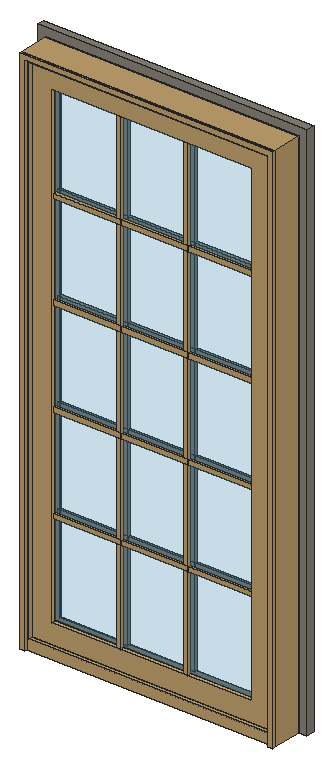
Revit family
Parameters (values of type "CSPD3068")
  Void Offset = if(and(Casing Visibility, BMC), 0' 1 5/16", if(and(Casing Visibility, Flat Casing), 0' 3", 0' 0"))  # 0' - 1 5/16"
  URL = "www.marvin.com"
  Thickness = 0' - 1 3/4"
  Sill Material = Fiberglass_Pultrusion-Marvin-Beige
  Rough Width = Width + 0' 1"  # 3' - 3 25/32"
  Rough Height = Height + 0' 0 1/2"  # 6' - 10 1/2"
  Prairie Corner Width = 0' - 4"
  Prairie Corner Height = 0' - 4"
  Panel Width = Width - 0' 2 3/8"  # 3' - 0 13/32"
  Nominal Width = 3' - 1"
  Nominal Height = 6' - 8"
  Muntins Interior Visibility = yes
  Muntins Interior Material = Wood-Marvin-Pine
  Muntins Exterior Visibility = yes
  Muntins Exterior Material = Aluminum-Marvin-Bronze
  Model = "CSPD3068"
  Manufacturer = "Marvin Windows and Doors"
  Lites Wide = 3
  Lites High = 5
  Lite Cut Prairie 9 = no
  Lite Cut HV Grid = not(Lite Cut Prairie 9)  # yes
  Label Visibility = no
  Jamb Extension Visibility = yes
  Interior Material = Wood-Marvin-Pine
  Inset to Installation Flange [instance] = 0' - 1"
  Height = if(Nominal Height = 6' 6", Nominal Height + 0' 1 1/2", if(Nominal Height = 6' 8", Nominal Height + 0' 2", Nominal Height - 0' 0 1/2"))  # 6' - 10"
  Wall Closure = (empty or 0)
  Width = if(or(Nominal Width = 2' 7", Nominal Width = 3' 1", Nominal Width = 4' 1"), Nominal Width + 0' 1 25/32", Nominal Width + 0' 1 31/32")  # 3' - 2 25/32"
  Glazing Material = Glass-Marvin-IG Low E II with Argon
  Glass Type = "IG Low E II with Argon"
  Function = 1
  Frame = "Aluminum Clad"
  Flat Casing Visibility = and(Casing Visibility, Flat Casing)  # no
  Family created by = "www.rbuiltcomponents.com"
  Door Type = "Clad Sliding Stationary Patio Door"
  Design Pressure = "DP40"
  Description = "3680 PATIO DOOR"
  Daylight Area = DLO Width * DLO Height  # 15.4301 SF
  DLO Width = Panel Width - 0' 5 31/32"  # 2' - 6 7/16"
  DLO Height = Height - 0' 9"  # 6' - 1"
  Cladding Material = Aluminum-Marvin-Bronze
  Casing Width = if(BMC, 0' 1 5/16", 0' 3")  # 0' - 1 5/16"
  Casing Visibility = yes
  BMC Visibility = and(Casing Visibility, BMC)  # yes
  BMC = yes
  Flat Casing = not(BMC)  # no
  Assembly Code = ""
Reference planes (in)
  plane 1 "Center (Front/Back)": y = 0
  plane 2 "Center (Left/Right)": x = 0
  plane 3 "Left": x = -19.39063
  plane 4 "Right": x = 19.39062
  plane 5 "Top": z = 82
  plane 6 "Exterior": y = 3
  plane 7 "Interior": y = -3
  plane 8 "Inset": y = 2
  plane 9 "Glazing": y = -0.65625
  plane 10: x = -15.20313
  plane 11: x = 15.20312
  plane 12: z = 77.8125
  plane 13: z = 4.8125
  plane 14 "Jamb Ext Face": y = -2.5625
  plane 15 "Void Offset": z = 83.3125
  plane 16 "Casing": z = 83.3125
  plane 17: y = -2.59375
Forms (in)
  Sweep 1, solid, material "Aluminum-Marvin-Bronze" <- "Cladding Material"
    path origin (0, -0.65625, 0) x (1, 0, 0) y (0, 0, 1)
      loop
        line (-15.20313, 4.8125) -> (15.20312, 4.8125) -> (15.20312, 77.8125) -> (-15.20313, 77.8125) -> (-15.20313, 4.8125)
    profile "Clad_Panel : Clad_Panel" origin (-15.20313, -0.65625, 41.3125) x (-1, 0, 0) y (0, -1, 0)
      loop
        line (3, 0) -> (0, 0) -> (0, -0.05719) -> (0.20804, -0.26523) -> (0.20804, -0.4375) -> (3, -0.4375) -> (3, 0)
  Sweep 2, solid, material "Wood-Marvin-Pine" <- "Interior Material"
    path origin (0, -0.65625, 0) x (1, 0, 0) y (0, 0, 1)
      loop
        line (-15.20313, 77.8125) -> (-15.20313, 4.8125) -> (15.20312, 4.8125) -> (15.20312, 77.8125) -> (-15.20313, 77.8125)
    profile "Int_Panel : Int_Panel" origin (-15.20313, -0.65625, 41.3125) x (1, 0, 0) y (0, -1, 0)
      loop
        line (-3, 1.3125) -> (-3, 0) -> (-0.72484, 0) -> (-0.72484, 0.82511) -> (0, 0.82511) -> (0, 0.97108) -> (-0.19709, 1.3125) -> (-3, 1.3125)
  Sweep 3, solid, material "Aluminum-Marvin-Bronze" <- "Cladding Material"
    path origin (0, 2, 0) x (1, 0, 0) y (0, 0, 1)
      loop
        line (-19.39063, 0) -> (-19.39063, 82) -> (19.39062, 82) -> (19.39062, 0)
    profile "Clad_Frame : Clad_Frame" origin (-19.39063, 2, 41) x (-1, 0, 0) y (0, -1, 0)
      loop
        line (0, -1.09375) -> (0, 0) -> (-0.891, 0) -> (-0.891, -0.3871) -> (-0.67848, -0.3871) -> (-0.67848, -1.09375) -> (0, -1.09375)
  Sweep 4, solid, material "Wood-Marvin-Pine" <- "Interior Material"
    path origin (0, 2, 0) x (1, 0, 0) y (0, 0, 1)
      loop
        line (-19.39063, 0) -> (-19.39063, 82) -> (19.39062, 82) -> (19.39062, 0)
    profile "Int_Frame : Int_Frame" origin (-19.39063, 2, 41) x (-1, 0, 0) y (0, -1, 0)
      loop
        line (0, 0) -> (0, 4.5625) -> (-1.06374, 4.5625) -> (-1.06374, 1.46938) -> (-0.891, 1.46938) -> (-0.891, 0) -> (0, 0)
  Sweep 5, solid, material "Fiberglass_Pultrusion-Marvin-Beige" <- "Sill Material"
    path origin (0, 2, 0) x (1, 0, 0) y (0, 0, 1)
      loop
        line (18.32688, 0) -> (-18.32688, 0)
    profile "Sill : Sill" origin (0, 2, 0) x (0, 0, -1) y (0, -1, 0)
      loop
        line (-0.56617, 0) -> (0, 0) -> (0, 3.9375) -> (-1.61915, 3.9375) -> (-1.61915, 2.43933) -> (-0.82254, 2.43933) -> (-0.56617, 0)
  Extrusion 6, solid, material "Aluminum-Marvin-Bronze" <- "Cladding Material"
    sketch origin (0, 0, 0) x (0, 1, 0) y (0, 0, 1)
      loop
        line (-0.21875, 1.8125) -> (-0.65625, 1.8125) -> (-0.65625, 1.61915) -> (-0.21875, 1.61915) -> (-0.21875, 1.8125)
    from -18.20313 to 18.20312
  Extrusion 7, solid, material "Wood-Marvin-Pine" <- "Interior Material"
    sketch origin (0, 0, 0) x (0, 1, 0) y (0, 0, 1)
      loop
        line (-0.65625, 1.8125) -> (-1.96875, 1.8125) -> (-1.96875, 1.61915) -> (-0.65625, 1.61915) -> (-0.65625, 1.8125)
    from -18.20313 to 18.20312
  Extrusion 8, solid, material "Wood-Marvin-Pine" <- "Interior Material", visible <- "Jamb Extension Visibility", detail levels medium+fine
    sketch origin (0, -2.5625, 0) x (1, 0, 0) y (0, 0, 1)
      loop
        line (-19.39063, 0) -> (-18.70313, 0) -> (-18.70313, 81.3125) -> (18.70312, 81.3125) -> (18.70312, 0) -> (19.39062, 0) -> (19.39062, 82) -> (-19.39063, 82) -> (-19.39063, 0)
    from 0.03125 to 0.4375
  Extrusion 9, solid, material "Glass-Marvin-IG Low E II with Argon" <- "Glazing Material"
    sketch origin (0, -0.65625, 0) x (1, 0, 0) y (0, 0, 1)
      loop
        line (15.82812, 78.4375) -> (-15.82813, 78.4375) -> (-15.82813, 4.1875) -> (15.82812, 4.1875) -> (15.82812, 78.4375)
    from 0 to 0.125
  Extrusion 10, solid, material "Glass-Marvin-IG Low E II with Argon" <- "Glazing Material"
    sketch origin (0, -0.65625, 0) x (1, 0, 0) y (0, 0, 1)
      loop
        line (15.82812, 78.4375) -> (-15.82813, 78.4375) -> (-15.82813, 4.1875) -> (15.82812, 4.1875) -> (15.82812, 78.4375)
    from 0.65625 to 0.78125
  Sweep 11, solid, material "Fiberglass_Pultrusion-Marvin-Beige" <- "Sill Material"
    path origin (0, 2, 0) x (1, 0, 0) y (0, 0, 1)
      loop
        line (18.71214, 0) -> (-18.71214, 0)
    profile "Clad_Sill : Clad_Sill" origin (0, 2, 0) x (0, 0, -1) y (0, -1, 0)
      loop
        line (-0.45122, -1.09375) -> (0, -1.09375) -> (0, 0) -> (-0.56617, 0) -> (-0.45122, -1.09375)
  Extrusion 12, solid, material "Wood-Marvin-Pine" <- "Interior Material"
    sketch origin (0, 0, 0) x (0, 1, 0) y (0, 0, 1)
      loop
        line (-1.9375, 1.61915) -> (-2.5625, 1.61915) -> (-2.5625, 0) -> (-1.9375, 0) -> (-1.9375, 1.61915)
    from -18.32688 to 18.32688
  Sweep 13, solid, material "Aluminum-Marvin-Bronze" <- "Cladding Material"
    path origin (0, 2, -3.79878) x (1, 0, 0) y (0, 0, 1)
      loop
        line (18.49962, 3.79878) -> (18.49962, 84.90778) -> (-18.49963, 84.90778) -> (-18.49963, 3.79878)
    profile "Clad_Jamb : Clad_Jamb" origin (18.49962, 2, 40.5545) x (-1, 0, 0) y (0, -1, 0)
      loop
        line (0.85588, 2.0994) -> (0, 2.23496) -> (0, -0.28062) -> (0.60662, -0.28062)
        arc (0.60662, -0.28062) -> (0.71586, 0.911) -> (0.85588, 2.0994) r 46.27589
  Extrusion 14, void
    sketch origin (0, 0, 0) x (1, 0, 0) y (0, 1, 0)
      loop
        line (-19.39063, 2) -> (-19.39063, -3) -> (19.39062, -3) -> (19.39062, 2) -> (-19.39063, 2)
    from 0 to 82
  Extrusion 15, void
    sketch origin (0, 0, 0) x (1, 0, 0) y (0, 1, 0)
      loop
        line (-20.70313, 3.125) -> (-20.70313, 2) -> (20.70312, 2) -> (20.70312, 3.125) -> (-20.70313, 3.125)
    from 0 to 83.3125
Cuts and joins
  joined: Sweep 1, Extrusion 6
  joined: Sweep 2, Extrusion 7
  joined: Sweep 5, Sweep 11
  joined: Sweep 4, Extrusion 12
  joined: Sweep 3, Sweep 13
Lines and regions (in)
  Masking region 1
    outline origin (0, 0, 0) x (0, 1, 0) y (0, 0, 1)
      loop
        line (3.09375, 82) -> (-2.5625, 82) -> (-2.5625, 0) -> (3.09375, 0) -> (3.09375, 82)
  Masking region 2
    outline origin (0, 0, 0) x (1, 0, 0) y (0, 1, 0)
      loop
        line (-19.39063, 3.09375) -> (-19.39063, -2.5625) -> (19.39062, -2.5625) -> (19.39062, 3.09375) -> (-19.39063, 3.09375)
  Masking region 3, visible <- "Jamb Extension Visibility"
    outline origin (0, 0, 0) x (1, 0, 0) y (0, 1, 0)
      loop
        line (-19.39063, -2.59375) -> (-19.39063, -3) -> (-18.70313, -3) -> (-18.70313, -2.59375) -> (-19.39063, -2.59375)
      loop
        line (19.39062, -2.59375) -> (18.70312, -2.59375) -> (18.70312, -3) -> (19.39062, -3) -> (19.39062, -2.59375)
  Masking region 4, visible <- "Jamb Extension Visibility"
    outline origin (0, 0, 0) x (0, 1, 0) y (0, 0, 1)
      loop
        line (-2.59375, 82) -> (-3, 82) -> (-3, 0) -> (-2.59375, 0) -> (-2.59375, 82)
  symbolic lines, style "DoorsFrameMullionProjection", detail levels coarse+medium
    curve 1: line (-19.39063, 3.09375, 0) -> (-18.32688, 3.09375, 0)
    curve 2: line (-18.32688, 3.09375, 0) -> (-18.32688, -2.5625, 0)
    curve 3: line (-18.32688, -2.5625, 0) -> (-19.39063, -2.5625, 0)
    curve 4: line (19.39062, 3.09375, 0) -> (18.32688, 3.09375, 0)
    curve 5: line (18.32688, 3.09375, 0) -> (18.32688, -2.5625, 0)
    curve 6: line (18.32688, -2.5625, 0) -> (19.39062, -2.5625, 0)
    curve 15: line (0, 3.09375, 82) -> (0, 3.09375, 80.93626)
    curve 16: line (0, 3.09375, 80.93626) -> (0, -2.5625, 80.93626)
    curve 17: line (0, -2.5625, 80.93626) -> (0, -2.5625, 82)
    curve 25: line (0, -0.21875, 77.8125) -> (0, -0.21875, 4.8125)
    curve 26: line (0, -1.96875, 77.8125) -> (0, -1.96875, 4.8125)
    curve 27: line (0, 3.09375, 0.45122) -> (0, -0.43933, 0.82254)
    curve 28: line (0, -0.43933, 1.61915) -> (0, -0.43933, 0.82254)
    curve 29: line (0, -0.21875, 1.61915) -> (0, -2.5625, 1.61915)
    curve 30: line (0, -2.5625, 0) -> (0, -2.5625, 1.61915)
    curve 31: line (0, 3.09375, 0) -> (0, 3.09375, 0.45122)
    curve 32: line (0, 3.09375, 0) -> (0, -2.5625, 0)
    curve 33: line (0, 3.09375, 82) -> (0, -3, 82)
    curve 43: line (-19.39063, -3, 0) -> (-19.39063, 3.09375, 0)
    curve 44: line (19.39062, -3, 0) -> (19.39062, 3.09375, 0)
  symbolic lines, style "DoorsFrameMullionProjection", visible <- "Jamb Extension Visibility", detail levels coarse+medium
    curve 7: line (-19.39063, -3, 0) -> (-18.70313, -3, 0)
    curve 8: line (-18.70313, -3, 0) -> (-18.70313, -2.59375, 0)
    curve 9: line (19.39062, -3, 0) -> (18.70312, -3, 0)
    curve 10: line (18.70312, -3, 0) -> (18.70312, -2.59375, 0)
    curve 13: line (0, -2.59375, 81.3125) -> (0, -3, 81.3125)
    curve 14: line (0, -3, 81.3125) -> (0, -3, 82)
  symbolic lines, style "Jamb Extension", visible <- "Jamb Extension Visibility", detail levels fine
    curve 11: line (0, -2.59375, 81.3125) -> (0, -3, 81.3125)
    curve 12: line (0, -3, 81.3125) -> (0, -3, 82)
  symbolic lines, style "DoorsPanelProjection", detail levels coarse+medium
    curve 18: line (0, -0.21875, 77.8125) -> (0, -0.21875, 80.93626)
    curve 19: line (0, -1.96875, 77.8125) -> (0, -0.21875, 77.8125)
    curve 20: line (0, -1.96875, 80.93626) -> (0, -1.96875, 77.8125)
    curve 21: line (0, -0.21875, 4.8125) -> (0, -1.96875, 4.8125)
    curve 22: line (0, -0.21875, 1.61915) -> (0, -0.21875, 4.8125)
    curve 23: line (0, -1.96875, 4.8125) -> (0, -1.96875, 1.61915)
    curve 34: line (18.32688, -0.21875, 0) -> (15.20312, -0.21875, 0)
    curve 35: line (15.20312, -0.21875, 0) -> (15.20312, -1.96875, 0)
    curve 36: line (15.20312, -1.96875, 0) -> (18.32688, -1.96875, 0)
    curve 37: line (-18.32688, -0.21875, 0) -> (-15.20313, -0.21875, 0)
    curve 38: line (-15.20313, -0.21875, 0) -> (-15.20313, -1.96875, 0)
    curve 39: line (-15.20313, -1.96875, 0) -> (-18.32688, -1.96875, 0)
    curve 40: line (-15.20313, -0.21875, 0) -> (15.20312, -0.21875, 0)
    curve 41: line (-15.20313, -1.96875, 0) -> (15.20312, -1.96875, 0)
  symbolic lines, style "DoorsGlassProjection", detail levels coarse+medium
    curve 24: line (0, -1.09375, 4.8125) -> (0, -1.09375, 77.8125)
    curve 42: line (-15.20313, -1.09375, 0) -> (15.20312, -1.09375, 0)
Text (in)
  text "Exterior" at (-74.96733, 27.31104, 0), in view "Ref. Level"
  text "Interior" at (-74.96733, -25.14366, 0), in view "Ref. Level"
  text "Exterior" at (0, 40.15149, 123.01588), in view "Right"
  text "Interior" at (0, -64.39139, 123.01588), in view "Right"
  text "Interior" at (0, -31.01599, 123.00693), in view "Left"
  text "Exterior" at (0, 54.57065, 123.00693), in view "Left"
Dimensions and locks (in)
  equal spacing: plane 3 "Left", plane 2 "Center (Left/Right)", plane 4 "Right"
  "Height": level to plane 5 "Top"
  "Width": plane 3 "Left" to plane 4 "Right"
  locked: plane 11 to plane 4 "Right" at 4.1875
  locked: plane 3 "Left" to plane 10 at 4.1875
  locked: plane 12 to plane 5 "Top" at 4.1875
  locked: level to plane 13 at 4.8125
  locked: Extrusion 6 sketch curve to Sweep 1 at 0.19335
  locked: Extrusion 7 sketch curve to Sweep 2 at 0.19335
  locked: Extrusion 8 sketch curve to plane 4 "Right" at 0.6875
  locked: plane 3 "Left" to Extrusion 8 sketch curve at 0.6875
  locked: plane 5 "Top" to Extrusion 8 sketch curve at 0.6875
  locked: plane 12 to Extrusion 9 sketch curve at 0.625
  locked: Extrusion 9 sketch curve to plane 13 at 0.625
  locked: plane 11 to Extrusion 9 sketch curve at 0.625
  locked: plane 12 to Extrusion 10 sketch curve at 0.625
  locked: Extrusion 10 sketch curve to plane 13 at 0.625
  locked: plane 11 to Extrusion 10 sketch curve at 0.625
  locked: plane 9 "Glazing" to Extrusion 9 at 0.125
  locked: plane 9 "Glazing" to Extrusion 10 at 0.78125
  locked: plane 9 "Glazing" to Extrusion 10 at 0.65625
  locked: Extrusion 10 to Extrusion 10 at 0.125
  locked: nested 3 to plane 9 "Glazing" at 0.8125
  "Inset to Installation Flange": host wall to plane 8 "Inset"
  locked: plane 9 "Glazing" to plane 8 "Inset" at 2.65625
  locked: plane 14 "Jamb Ext Face" to plane 8 "Inset" at 4.5625
  locked: nested 4 to host wall at 12
  locked: Extrusion 15 sketch curve to host wall at 0.125
  "Void Offset": Extrusion 15 sketch curve to plane 3 "Left"
  "Void Offset": plane 4 "Right" to Extrusion 15 sketch curve
  "Void Offset": plane 5 "Top" to plane 15 "Void Offset"
  "Casing Width": plane 5 "Top" to plane 16 "Casing"
  locked: plane 17 to plane 14 "Jamb Ext Face" at 0.03125
  locked: Extrusion 9 sketch curve to plane 10 at 0.625
  locked: plane 10 to Extrusion 10 sketch curve at 0.625
  locked: Sweep 13 sketch curve to plane 4 "Right" at 0.891
  locked: plane 3 "Left" to Sweep 13 sketch curve at 0.891
  locked: Sweep 13 sketch curve to plane 5 "Top" at 0.891
  aligned and locked: plane 6 "Exterior" to host wall
  aligned and locked: plane 7 "Interior" to host wall
  aligned and locked: Sweep 1 sketch curve to plane 11
  aligned and locked: Sweep 1 sketch curve to plane 13
  aligned and locked: Sweep 1 sketch curve to plane 12
  aligned and locked: Sweep 2 sketch curve to plane 12
  aligned and locked: Sweep 2 sketch curve to plane 13
  aligned and locked: Sweep 2 sketch curve to plane 11
  aligned and locked: plane 3 "Left" to Sweep 3 sketch curve
  aligned and locked: level to Sweep 3 sketch curve  (x2)
  aligned and locked: Sweep 3 sketch curve to plane 5 "Top"
  aligned and locked: Sweep 3 sketch curve to plane 4 "Right"
  aligned and locked: plane 3 "Left" to Sweep 4 sketch curve
  aligned and locked: level to Sweep 4 sketch curve  (x2)
  aligned and locked: Sweep 4 sketch curve to plane 5 "Top"
  aligned and locked: Sweep 4 sketch curve to plane 4 "Right"
  aligned and locked: level to nested 1
  aligned and locked: nested 1 to plane 8 "Inset"
  aligned and locked: Sweep 5 sketch curve to level
  aligned and locked: Extrusion 6 sketch curve to Sweep 1  (x2)
  aligned and locked: Extrusion 6 sketch curve to plane 9 "Glazing"
  aligned and locked: Sweep 1 to Extrusion 6
  aligned and locked: Extrusion 6 to Sweep 1
  aligned and locked: Sweep 2 to Extrusion 7 sketch curve
  aligned and locked: plane 9 "Glazing" to Extrusion 7 sketch curve
  aligned and locked: Extrusion 7 sketch curve to Sweep 2
  aligned and locked: Sweep 2 to Extrusion 7
  aligned and locked: Extrusion 7 to Sweep 2
  aligned and locked: Extrusion 8 sketch curve to plane 3 "Left"
  aligned and locked: plane 5 "Top" to Extrusion 8 sketch curve
  aligned and locked: plane 4 "Right" to Extrusion 8 sketch curve
  aligned and locked: level to Extrusion 8 sketch curve  (x2)
  aligned and locked: Sweep 3 to Extrusion 8 sketch curve
  aligned and locked: host wall to Extrusion 8
  aligned and locked: Extrusion 9 to plane 9 "Glazing"
  aligned and locked: plane 9 "Glazing" to nested 2
  aligned and locked: plane 12 to nested 2
  aligned and locked: nested 3 to plane 12
  aligned and locked: plane 3 "Left" to curve 1
  aligned and locked: curve 3 to plane 14 "Jamb Ext Face"
  aligned and locked: plane 14 "Jamb Ext Face" to curve 6
  aligned and locked: curve 7 to Extrusion 8
  aligned and locked: curve 10 to Extrusion 8
  aligned and locked: Extrusion 8 to curve 11
  aligned and locked: Extrusion 8 to curve 12
  aligned and locked: plane 5 "Top" to curve 14
  aligned and locked: Extrusion 8 to curve 13
  aligned and locked: plane 5 "Top" to curve 15
  aligned and locked: plane 14 "Jamb Ext Face" to curve 17
  aligned and locked: curve 19 to plane 12
  aligned and locked: curve 20 to cut or joined group of Sweep 2, Extrusion 7
  aligned and locked: curve 18 to cut or joined group of Sweep 1, Extrusion 6
  aligned and locked: curve 21 to plane 13
  aligned and locked: curve 23 to cut or joined group of Sweep 2, Extrusion 7
  aligned and locked: curve 22 to cut or joined group of Sweep 1, Extrusion 6
  aligned and locked: curve 21 to curve 24
  aligned and locked: plane 5 "Top" to Masking region 1 sketch curve
  aligned and locked: level to Masking region 1 sketch curve
  aligned and locked: curve 26 to cut or joined group of Sweep 2, Extrusion 7
  aligned and locked: plane 2 "Center (Left/Right)" to nested 4
  aligned and locked: plane 2 "Center (Left/Right)" to nested 5
  aligned and locked: plane 8 "Inset" to nested 5
  aligned and locked: Sweep 5 sketch curve to Sweep 4
  aligned and locked: Sweep 4 to Sweep 5 sketch curve
  aligned and locked: Sweep 11 sketch curve to Sweep 3
  aligned and locked: Sweep 3 to Sweep 11 sketch curve
  aligned and locked: Sweep 5 to curve 28
  aligned and locked: Sweep 3 to Sweep 11
  aligned and locked: plane 14 "Jamb Ext Face" to curve 30
  aligned and locked: curve 29 to Sweep 5
  aligned and locked: curve 27 to Sweep 5
  aligned and locked: Extrusion 12 sketch curve to cut or joined group of Sweep 5, Sweep 11  (x2)
  aligned and locked: level to Extrusion 12 sketch curve
  aligned and locked: Extrusion 12 sketch curve to plane 14 "Jamb Ext Face"
  aligned and locked: Extrusion 12 to Sweep 4  (x2)
  aligned and locked: level to Sweep 13 sketch curve
  aligned and locked: Masking region 2 sketch curve to plane 3 "Left"
  aligned and locked: plane 4 "Right" to Masking region 2 sketch curve
  aligned and locked: curve 37 to cut or joined group of Sweep 1, Extrusion 6
  aligned and locked: curve 39 to cut or joined group of Sweep 2, Extrusion 7
  aligned and locked: plane 11 to curve 35
  aligned and locked: curve 34 to cut or joined group of Sweep 1, Extrusion 6
  aligned and locked: cut or joined group of Sweep 2, Extrusion 7 to curve 36
  aligned and locked: curve 5 to curve 36
  aligned and locked: curve 1 to cut or joined group of Sweep 5, Sweep 11
  aligned and locked: curve 4 to cut or joined group of Sweep 5, Sweep 11
  aligned and locked: curve 15 to cut or joined group of Sweep 3, Sweep 13
  aligned and locked: curve 31 to cut or joined group of Sweep 3, Sweep 13
  aligned and locked: curve 19 to curve 25
  aligned and locked: Extrusion 8 to curve 10
  aligned and locked: curve 38 to curve 42
  aligned and locked: curve 35 to curve 42
  aligned and locked: Extrusion 14 sketch curve to plane 3 "Left"
  aligned and locked: plane 4 "Right" to Extrusion 14 sketch curve
  aligned and locked: Extrusion 14 sketch curve to host wall
  aligned and locked: Extrusion 14 to plane 5 "Top"
  aligned and locked: plane 8 "Inset" to Extrusion 14 sketch curve
  aligned and locked: Extrusion 15 sketch curve to plane 8 "Inset"
  aligned and locked: Extrusion 15 to plane 15 "Void Offset"
  aligned and locked: Extrusion 14 to level
  aligned and locked: Extrusion 15 to level
  aligned and locked: plane 8 "Inset" to nested 6
  aligned and locked: plane 2 "Center (Left/Right)" to nested 6
  aligned and locked: level to nested 6
  aligned and locked: Masking region 2 sketch curve to cut or joined group of Sweep 3, Sweep 13
  aligned and locked: Masking region 1 sketch curve to cut or joined group of Sweep 3, Sweep 13
  aligned and locked: curve 43 to plane 3 "Left"
  aligned and locked: curve 44 to plane 4 "Right"
  aligned and locked: Masking region 2 sketch curve to plane 14 "Jamb Ext Face"
  aligned and locked: Masking region 3 sketch curve to host wall
  aligned and locked: host wall to Masking region 3 sketch curve
  aligned and locked: Masking region 3 sketch curve to plane 3 "Left"
  aligned and locked: Masking region 3 sketch curve to Extrusion 8  (x2)
  aligned and locked: Masking region 3 sketch curve to plane 4 "Right"
  aligned and locked: curve 9 to host wall
  aligned and locked: Extrusion 8 to plane 17
  aligned and locked: plane 17 to Masking region 3 sketch curve
  aligned and locked: plane 17 to curve 8
  aligned and locked: Masking region 3 sketch curve to plane 17
  aligned and locked: plane 17 to curve 10
  aligned and locked: plane 17 to curve 11
  aligned and locked: plane 17 to curve 13
  aligned and locked: Masking region 1 sketch curve to plane 14 "Jamb Ext Face"
  aligned and locked: plane 5 "Top" to Masking region 4 sketch curve
  aligned and locked: level to Masking region 4 sketch curve
  aligned and locked: plane 17 to Masking region 4 sketch curve
  aligned and locked: Masking region 4 sketch curve to host wall
  aligned and locked: curve 16 to nested 1
  aligned and locked: plane 10 to curve 38
  aligned and locked: nested 2 to plane 2 "Center (Left/Right)"
  aligned and locked: plane 10 to Sweep 1 sketch curve
  aligned and locked: Sweep 2 sketch curve to plane 10
  aligned and locked: plane 2 "Center (Left/Right)" to nested 3
Automatic sketch dimensions
  Sweep 11 sketch curve to level = 0' - 0"
  curve 7 to curve 7 = 0' - 0 11/16"
  plane 4 "Right" to curve 34 = 0' - 1.06374"
  plane 9 "Glazing" to curve 42 = 0' - 0 7/16"
  curve 32 to level = 0' - 0"
  plane 9 "Glazing" to curve 24 = 0' - 0 7/16"
  curve 8 to curve 3 = 0' - 0.37624"
  Sweep 13 sketch curve to level = 0' - 0"
Nested families (in)
  nested 1: "Door_Section_Detail" at (0, 2, 0) x (0, -1, 0) z (1, 0, 0), type "Door_Section_Detail", detail levels fine
  nested 2: "Muntins" at (0, -0.65625, -31.1875), visible <- "Muntins Exterior Visibility", Muntin Material <- "Muntins Exterior Material", type "Muntins"
    with Muntin Material Aluminum-Marvin-Bronze, GlazingWidth 2' - 6 7/16", GlazingHeight 6' - 1", Width 2' - 6 7/8", LitesVertical 5, HorizontalMuntins 4, Height 6' - 1 7/16", Inset Vert 0' - 9.91667", Inset Horiz 1' - 2 5/16"
  nested 3: "Muntins" at (0, -1.46875, -31.1875), Muntin Material <- "Muntins Interior Material", visible <- "Muntins Interior Visibility", type "Muntins"
    with Muntin Material Wood-Marvin-Pine, GlazingWidth 2' - 6 7/16", GlazingHeight 6' - 1", Width 2' - 6 7/8", LitesVertical 5, HorizontalMuntins 4, Height 6' - 1 7/16", Inset Vert 0' - 9.91667", Inset Horiz 1' - 2 5/16"
  nested 4: "Label Annotation 1-16 w5" at (0, 15, 0), visible <- "Label Visibility", type "Label Annotation 1-16 w5"
  nested 5: "Door_Plan_Detail" at (0, 2, 0), type "Door_Plan_Detail", detail levels fine
    with Width 3' - 2 25/32"
  nested 6: "Casing_Clad" at (0, 2, 0), visible <- "Casing Visibility", type "Casing_Clad"
    with Width 3' - 2 25/32", Height 6' - 10"
Definition of nested family "Muntins"
  Parameters (values of type "Muntins")
    PrairieMuntVisible = no
    Prairie Corner Width = 0' - 4"
    Prairie Corner Height = 0' - 4"
    Muntin Extension = 0' - 0 7/16"
    GridMuntVisible = yes
    GlazingWidth = 2' - 0"
    GlazingHeight = 2' - 11 1/8"
    Width = GlazingWidth + Muntin Extension  # 2' - 0 7/16"
    VerticalMuntins = if(LitesHorizontal < 3, 2, LitesHorizontal - 1)  # 2
    VertMuntVisible = and(GridMuntVisible, LitesHorizontal > 2)  # yes
    MuntinWidth = 0' - 0 3/4"
    MuntinDepth [instance] = 0' - 0 3/8"
    Muntin Material [instance] = none
    LitesVertical = 3
    LitesHorizontal = 3
    HorizontalMuntins = if(LitesVertical < 3, 2, LitesVertical - 1)  # 2
    HorizMuntVisible = and(GridMuntVisible, LitesVertical > 2)  # yes
    Height = GlazingHeight + Muntin Extension  # 2' - 11 9/16"
    Inset Vert = if(LitesHorizontal < 3, (Width / 3) - (MuntinWidth / 2), (Width / LitesHorizontal) - (MuntinWidth / 2))  # 0' - 7.77083"
    Inset Horiz = if(LitesVertical < 3, (Height / 3) - (MuntinWidth / 2), (Height / LitesVertical) - (MuntinWidth / 2))  # 0' - 11.47917"
    CenterMuntinVertical = and(GridMuntVisible, LitesHorizontal = 2)  # no
    CenterMuntinHorizontal = and(GridMuntVisible, LitesVertical = 2)  # no
    Assembly Code = ""
  Reference planes (in)
    plane 1 "Center (Front/Back)": y = 0
    plane 2: z = 0
    plane 3 "Center (Left/Right)": x = 0
    plane 4: z = 35.78125
    plane 5: z = 53.5625
    plane 6: z = 71.34375
    plane 7: z = 59.86458
    plane 8: z = 47.26042
    plane 9: z = 71.125
    plane 10: z = 36
    plane 11: x = -12
    plane 12: x = 12
    plane 13: x = -4.44792
    plane 14: x = -12.21875
    plane 15: x = 12.21875
    plane 16: x = 4.44792
    plane 17: z = 67.125
    plane 18: z = 40
    plane 19: x = -8
    plane 20: x = 8
  Forms (in)
    Extrusion 1, solid, material <- "Muntin Material", visible <- "CenterMuntinVertical", detail levels medium+fine
      sketch origin (9, 0, 0) x (1, 0, 0) y (0, 0, 1)
        loop
          line (-9.375, 71.34375) -> (-9.375, 35.78125) -> (-8.625, 35.78125) -> (-8.625, 71.34375) -> (-9.375, 71.34375)
      from 0 to 0.375 <- "MuntinDepth"
    Extrusion 2, solid, material <- "Muntin Material", visible <- "CenterMuntinHorizontal", detail levels medium+fine
      sketch origin (-0.0013, 0, 14.6875) x (1, 0, 0) y (0, 0, 1)
        loop
          line (-12.21745, 39.25) -> (-12.21745, 38.5) -> (12.22005, 38.5) -> (12.22005, 39.25) -> (-12.21745, 39.25)
      from 0 to 0.375 <- "MuntinDepth"
    Extrusion 3, solid, material <- "Muntin Material", visible <- "VertMuntVisible", detail levels medium+fine
      sketch origin (4.92708, 0, -2.90625) x (1, 0, 0) y (0, 0, 1)
        loop
          line (-9.375, 74.25) -> (-9.375, 38.6875) -> (-8.625, 38.6875) -> (-8.625, 74.25) -> (-9.375, 74.25)
      from 0 to 0.375 <- "MuntinDepth"
    Extrusion 4, solid, material <- "Muntin Material", visible <- "HorizMuntVisible", detail levels medium+fine
      sketch origin (-3.09635, 0, 14.17708) x (1, 0, 0) y (0, 0, 1)
        loop
          line (-9.1224, 45.6875) -> (-9.1224, 44.9375) -> (15.3151, 44.9375) -> (15.3151, 45.6875) -> (-9.1224, 45.6875)
      from 0 to 0.375 <- "MuntinDepth"
    Extrusion 5, solid, material <- "Muntin Material", visible <- "HorizMuntVisible", detail levels medium+fine
      sketch origin (-3.09635, 0, 2.32292) x (1, 0, 0) y (0, 0, 1)
        loop
          line (-9.1224, 45.6875) -> (-9.1224, 44.9375) -> (15.3151, 44.9375) -> (15.3151, 45.6875) -> (-9.1224, 45.6875)
      from 0 to 0.375 <- "MuntinDepth"
    Extrusion 6, solid, material <- "Muntin Material", visible <- "VertMuntVisible", detail levels medium+fine
      sketch origin (13.07292, 0, -2.90625) x (1, 0, 0) y (0, 0, 1)
        loop
          line (-9.375, 74.25) -> (-9.375, 38.6875) -> (-8.625, 38.6875) -> (-8.625, 74.25) -> (-9.375, 74.25)
      from 0 to 0.375 <- "MuntinDepth"
    Extrusion 7, solid, material <- "Muntin Material", visible <- "PrairieMuntVisible", detail levels medium+fine
      sketch origin (1, 0, 0) x (1, 0, 0) y (0, 0, 1)
        loop
          line (-9, 71.34375) -> (-9, 35.78125) -> (-8.25, 35.78125) -> (-8.25, 71.34375) -> (-9, 71.34375)
      from 0 to 0.375 <- "MuntinDepth"
    Extrusion 8, solid, material <- "Muntin Material", visible <- "PrairieMuntVisible", detail levels medium+fine
      sketch origin (17, 0, 0) x (1, 0, 0) y (0, 0, 1)
        loop
          line (-9.75, 71.34375) -> (-9.75, 35.78125) -> (-9, 35.78125) -> (-9, 71.34375) -> (-9.75, 71.34375)
      from 0 to 0.375 <- "MuntinDepth"
    Extrusion 9, solid, material <- "Muntin Material", visible <- "PrairieMuntVisible", detail levels medium+fine
      sketch origin (-0.0013, 0, 28.25) x (1, 0, 0) y (0, 0, 1)
        loop
          line (-12.21745, 38.875) -> (-12.21745, 38.125) -> (12.22005, 38.125) -> (12.22005, 38.875) -> (-12.21745, 38.875)
      from 0 to 0.375 <- "MuntinDepth"
    Extrusion 10, solid, material <- "Muntin Material", visible <- "PrairieMuntVisible", detail levels medium+fine
      sketch origin (-0.0013, 0, 1.125) x (1, 0, 0) y (0, 0, 1)
        loop
          line (-12.21745, 39.625) -> (-12.21745, 38.875) -> (12.22005, 38.875) -> (12.22005, 39.625) -> (-12.21745, 39.625)
      from 0 to 0.375 <- "MuntinDepth"
  Cuts and joins
    joined: Extrusion 7, Extrusion 8, Extrusion 9, Extrusion 10
  Lines and regions (in)
    model lines, style "Muntins", visible <- "CenterMuntinHorizontal", detail levels coarse
      curve 1: line (-12.21875, 0, 53.5625) -> (12.21875, 0, 53.5625)
    model lines, style "Muntins", visible <- "HorizMuntVisible", detail levels coarse
      curve 2: line (-12.21875, 0, 59.48958) -> (12.21875, 0, 59.48958)
      curve 3: line (-12.21875, 0, 47.63542) -> (12.21875, 0, 47.63542)
    model lines, style "Muntins", visible <- "CenterMuntinVertical", detail levels coarse
      curve 4: line (0, 0, 71.34375) -> (0, 0, 35.78125)
    model lines, style "Muntins", visible <- "VertMuntVisible", detail levels coarse
      curve 5: line (-4.07292, 0, 71.34375) -> (-4.07292, 0, 35.78125)
      curve 6: line (4.07292, 0, 71.34375) -> (4.07292, 0, 35.78125)
    model lines, style "Muntins", visible <- "PrairieMuntVisible", detail levels coarse
      curve 7: line (-12.21875, 0, 66.75) -> (12.21875, 0, 66.75)
      curve 8: line (-12.21875, 0, 40.375) -> (12.21875, 0, 40.375)
      curve 9: line (-7.625, 0, 35.78125) -> (-7.625, 0, 71.34375)
      curve 10: line (7.625, 0, 35.78125) -> (7.625, 0, 71.34375)
  Dimensions and locks (in)
    "Inset Horiz": plane 6 to plane 7
    "Inset Horiz": plane 8 to plane 4
    equal spacing: plane 6, plane 5, plane 4
    "Height": plane 6 to plane 4
    "GlazingHeight": plane 9 to plane 10
    equal spacing: plane 9, plane 5, plane 10
    "GlazingWidth": plane 12 to plane 11
    equal spacing: plane 12, plane 3 "Center (Left/Right)", plane 11
    "MuntinWidth": Extrusion 1 sketch curve to Extrusion 1 sketch curve
    "Height": Extrusion 1 sketch curve to Extrusion 1 sketch curve
    "MuntinWidth": Extrusion 2 sketch curve to Extrusion 2 sketch curve
    "Width": Extrusion 2 sketch curve to Extrusion 2 sketch curve
    "MuntinWidth": Extrusion 3 sketch curve to Extrusion 3 sketch curve
    "Height": Extrusion 3 sketch curve to Extrusion 3 sketch curve
    "Width": plane 15 to plane 14
    equal spacing: plane 15, plane 3 "Center (Left/Right)", plane 14
    "Inset Vert": plane 13 to plane 14
    "Inset Vert": plane 15 to plane 16
    "MuntinWidth": Extrusion 4 sketch curve to Extrusion 4 sketch curve
    "Width": Extrusion 4 sketch curve to Extrusion 4 sketch curve
    "MuntinWidth": Extrusion 5 sketch curve to Extrusion 5 sketch curve
    "Width": Extrusion 5 sketch curve to Extrusion 5 sketch curve
    group 2 to group 3 = 0' - 0"  (x2)
    group 3 to group 2 = 0' - 11.85417"
    "MuntinWidth": Extrusion 6 sketch curve to Extrusion 6 sketch curve
    "Height": Extrusion 6 sketch curve to Extrusion 6 sketch curve
    group 4 to group 5 = 0' - 8.14583"
    group 4 to group 5 = 0' - 0"  (x2)
    "Prairie Corner Width": plane 19 to plane 11
    "Prairie Corner Width": plane 20 to plane 12
    "Prairie Corner Height": plane 9 to plane 17
    "Prairie Corner Height": plane 18 to plane 10
    "MuntinWidth": Extrusion 7 sketch curve to Extrusion 7 sketch curve
    "Height": Extrusion 7 sketch curve to Extrusion 7 sketch curve
    "MuntinWidth": Extrusion 8 sketch curve to Extrusion 8 sketch curve
    "Height": Extrusion 8 sketch curve to Extrusion 8 sketch curve
    "MuntinWidth": Extrusion 9 sketch curve to Extrusion 9 sketch curve
    "Width": Extrusion 9 sketch curve to Extrusion 9 sketch curve
    "MuntinWidth": Extrusion 10 sketch curve to Extrusion 10 sketch curve
    "Width": Extrusion 10 sketch curve to Extrusion 10 sketch curve
    aligned and locked: plane 6 to Extrusion 1  (x2)
    aligned and locked: Extrusion 1 to plane 4  (x3)
    aligned and locked: Extrusion 3 to plane 13  (x5)
    aligned and locked: Extrusion 3 to plane 4  (x3)
    aligned and locked: Extrusion 2 to plane 14
    aligned and locked: plane 15 to Extrusion 2
    aligned and locked: plane 6 to Extrusion 3
    aligned and locked: plane 7 to Extrusion 4
    aligned and locked: Extrusion 4 to plane 14
    aligned and locked: plane 15 to Extrusion 4
    aligned and locked: curve 1 to plane 5
    aligned and locked: plane 14 to curve 1
    aligned and locked: plane 15 to curve 1
    aligned and locked: Extrusion 5 to plane 14
    aligned and locked: Extrusion 5 to plane 8
    aligned and locked: plane 15 to Extrusion 5
    aligned and locked: Extrusion 5 to curve 3  (x2)
    aligned and locked: Extrusion 4 to curve 2  (x2)
    aligned and locked: curve 4 to plane 3 "Center (Left/Right)"
    aligned and locked: Extrusion 1 to curve 4  (x2)
    aligned and locked: Extrusion 3 to curve 5  (x2)
    aligned and locked: Extrusion 6 to curve 6  (x2)
    aligned and locked: Extrusion 6 to plane 16
    aligned and locked: plane 6 to Extrusion 6
    aligned and locked: plane 6 to curve 6
    aligned and locked: Extrusion 6 to plane 4
    aligned and locked: plane 4 to curve 6
    aligned and locked: cut or joined group of Extrusion 7, Extrusion 8, Extrusion 9, Extrusion 10 to plane 19
    aligned and locked: plane 20 to cut or joined group of Extrusion 7, Extrusion 8, Extrusion 9, Extrusion 10
    aligned and locked: plane 17 to cut or joined group of Extrusion 7, Extrusion 8, Extrusion 9, Extrusion 10
    aligned and locked: cut or joined group of Extrusion 7, Extrusion 8, Extrusion 9, Extrusion 10 to plane 18
    aligned and locked: cut or joined group of Extrusion 7, Extrusion 8, Extrusion 9, Extrusion 10 to curve 7  (x2)
    aligned and locked: cut or joined group of Extrusion 7, Extrusion 8, Extrusion 9, Extrusion 10 to curve 8  (x2)
    aligned and locked: cut or joined group of Extrusion 7, Extrusion 8, Extrusion 9, Extrusion 10 to curve 9  (x2)
    aligned and locked: cut or joined group of Extrusion 7, Extrusion 8, Extrusion 9, Extrusion 10 to curve 10  (x2)
  Automatic sketch dimensions
    Extrusion 1 sketch curve to plane 4 = 0' - 0"
    Extrusion 1 sketch curve to plane 3 "Center (Left/Right)" = 0' - 0 3/8"
    Extrusion 2 sketch curve to plane 14 = 0' - 0"
    Extrusion 2 sketch curve to plane 5 = 0' - 0 3/8"
    Extrusion 7 sketch curve to plane 4 = 0' - 0"
    Extrusion 7 sketch curve to plane 19 = 0' - 0"
    Extrusion 8 sketch curve to plane 4 = 0' - 0"
    Extrusion 8 sketch curve to plane 20 = 0' - 0 3/4"
    Extrusion 9 sketch curve to plane 14 = 0' - 0"
    Extrusion 9 sketch curve to plane 17 = 0' - 0 3/4"
    Extrusion 10 sketch curve to plane 14 = 0' - 0"
    Extrusion 10 sketch curve to plane 18 = 0' - 0"
    plane 19 to curve 9 = 0' - 0 3/8"
    curve 10 to plane 20 = 0' - 0 3/8"
    plane 18 to curve 8 = 0' - 0 3/8"
    curve 7 to plane 17 = 0' - 0 3/8"
Definition of nested family "Casing_Clad"
  Parameters (values of type "Casing_Clad")
    Width = 16' - 0"
    Height = 12' - 0"
    Flat Casing Visibility = no
    Cladding Finish = Aluminum-Marvin-Bronze
    BMC Visibility = yes
    Assembly Code = ""
  Reference planes (in)
    plane 1 "Center (Front/Back)": y = 0
    plane 2: z = 0
    plane 3 "Center (Left/Right)": x = 0
    plane 4: z = 144
    plane 5: x = -96
    plane 6: x = 96
  Forms (in)
    Sweep 1, solid, material "Aluminum-Marvin-Bronze" <- "Cladding Finish", visible <- "BMC Visibility"
      path origin (0, 0, 0) x (1, 0, 0) y (0, 0, 1)
        loop
          line (-96, 0) -> (-96, 144) -> (96, 144) -> (96, 0)
      profile "BMC_Clad : BMC_Clad" origin (96, 0, 72) x (1, 0, 0) y (0, -1, 0)
        loop
          line (0.71589, -1.25) -> (1.3125, -1.25) -> (1.3125, 0) -> (0, 0) -> (0, -1.09375) -> (0.38081, -1.09375) -> (0.71589, -1.25)
    Sweep 2, solid, material "Aluminum-Marvin-Bronze" <- "Cladding Finish", visible <- "Flat Casing Visibility"
      path origin (0, 0, 0) x (1, 0, 0) y (0, 0, 1)
        loop
          line (-96, 0) -> (-96, 144) -> (96, 144) -> (96, 0)
      profile "Flat_Casing_Clad : Flat_Casing_Clad" origin (96, 0, 72) x (1, 0, 0) y (0, -1, 0)
        loop
          line (3, -1.09375) -> (3, 0) -> (0, 0) -> (0, -1.09375) -> (3, -1.09375)
  Lines and regions (in)
    Masking region 1, visible <- "Flat Casing Visibility"
      outline origin (0, 0, 0) x (1, 0, 0) y (0, 1, 0)
        loop
          line (-96, 0) -> (-96, 1.09375) -> (-99, 1.09375) -> (-99, 0) -> (-96, 0)
    Masking region 2, visible <- "Flat Casing Visibility"
      outline origin (0, 0, 0) x (0, 1, 0) y (-1, 0, 0)
        loop
          line (0, -96) -> (0, -99) -> (1.09375, -99) -> (1.09375, -96) -> (0, -96)
    Masking region 3, visible <- "BMC Visibility"
      outline origin (0, 0, 0) x (1, 0, 0) y (0, 1, 0)
        loop
          line (96, 1.09375) -> (96, 0) -> (97.3125, 0) -> (97.3125, 1.25) -> (96.71589, 1.25) -> (96.38081, 1.09375) -> (96, 1.09375)
    Masking region 4, visible <- "BMC Visibility"
      outline origin (0, 0, 0) x (0, 1, 0) y (-1, 0, 0)
        loop
          line (1.09375, 96) -> (1.09375, 96.38081) -> (1.25, 96.71589) -> (1.25, 97.3125) -> (0, 97.3125) -> (0, 96) -> (1.09375, 96)
    Masking region 5, visible <- "Flat Casing Visibility"
      outline origin (0, 0, 0) x (0, 1, 0) y (0, 0, 1)
        loop
          line (1.09375, 147) -> (0, 147) -> (0, 144) -> (1.09375, 144) -> (1.09375, 147)
    Masking region 6, visible <- "BMC Visibility"
      outline origin (0, 0, 0) x (0, 1, 0) y (0, 0, 1)
        loop
          line (1.25, 145.3125) -> (0, 145.3125) -> (0, 144) -> (1.09375, 144) -> (1.09375, 144.38081) -> (1.25, 144.71589) -> (1.25, 145.3125)
    symbolic lines, style "Frame/Mullion", visible <- "Flat Casing Visibility", detail levels coarse+medium
      curve 1: line (0, 1.09375, 144) -> (0, 1.09375, 147)
      curve 2: line (0, 1.09375, 147) -> (0, 0, 147)
      curve 11: line (-99, 1.09375, 0) -> (-99, 0, 0)
      curve 12: line (-96, 1.09375, 0) -> (-99, 1.09375, 0)
      curve 13: line (99, 0, 0) -> (99, 1.09375, 0)
      curve 14: line (99, 1.09375, 0) -> (96, 1.09375, 0)
    symbolic lines, style "Frame/Mullion", visible <- "BMC Visibility", detail levels coarse+medium
      curve 3: line (0, 1.25, 145.3125) -> (0, 0, 145.3125)
      curve 4: line (0, 1.25, 144.71589) -> (0, 1.25, 145.3125)
      curve 5: line (0, 1.09375, 144.38081) -> (0, 1.25, 144.71589)
      curve 6: line (0, 1.09375, 144) -> (0, 1.09375, 144.38081)
      curve 7: line (-96.71589, 1.25, 0) -> (-97.3125, 1.25, 0)
      curve 8: line (-96.38081, 1.09375, 0) -> (-96.71589, 1.25, 0)
      curve 9: line (-96, 1.09375, 0) -> (-96.38081, 1.09375, 0)
      curve 10: line (-97.3125, 1.25, 0) -> (-97.3125, 0, 0)
      curve 15: line (97.3125, 0, 0) -> (97.3125, 1.25, 0)
      curve 16: line (97.3125, 1.25, 0) -> (96.71589, 1.25, 0)
      curve 17: line (96.71589, 1.25, 0) -> (96.38081, 1.09375, 0)
      curve 18: line (96.38081, 1.09375, 0) -> (96, 1.09375, 0)
  Dimensions and locks (in)
    "Width": plane 6 to plane 5
    equal spacing: plane 6, plane 3 "Center (Left/Right)", plane 5
    "Height": plane 4 to plane 2
    aligned and locked: plane 4 to Sweep 1 sketch curve
    aligned and locked: plane 5 to Sweep 1 sketch curve
    aligned and locked: plane 2 to Sweep 1 sketch curve
    aligned and locked: Sweep 1 sketch curve to plane 2
    aligned and locked: plane 4 to Sweep 2 sketch curve
    aligned and locked: plane 5 to Sweep 2 sketch curve
    aligned and locked: plane 2 to Sweep 2 sketch curve
    aligned and locked: Sweep 2 sketch curve to plane 2
    aligned and locked: Masking region 1 sketch curve to Sweep 1
    aligned and locked: Masking region 1 sketch curve to plane 1 "Center (Front/Back)"
    aligned and locked: Sweep 2 to Masking region 1 sketch curve
    aligned and locked: Masking region 1 sketch curve to Sweep 2
    aligned and locked: Masking region 2 sketch curve to Sweep 2  (x3)
    aligned and locked: Sweep 2 to Masking region 2 sketch curve
    aligned and locked: Masking region 3 sketch curve to Sweep 2
    aligned and locked: Masking region 3 sketch curve to Sweep 1  (x4)
    aligned and locked: Sweep 1 to Masking region 3 sketch curve
    aligned and locked: Masking region 4 sketch curve to Sweep 2
    aligned and locked: Masking region 4 sketch curve to Sweep 1  (x5)
    aligned and locked: Masking region 5 sketch curve to Sweep 2  (x2)
    aligned and locked: Sweep 1 to Masking region 5 sketch curve
    aligned and locked: Masking region 5 sketch curve to Sweep 1
    aligned and locked: Masking region 6 sketch curve to Sweep 1  (x6)
    aligned and locked: curve 1 to Masking region 5
    aligned and locked: curve 2 to Sweep 2
    aligned and locked: curve 3 to Sweep 1
    aligned and locked: curve 4 to Masking region 6
    aligned and locked: curve 5 to Sweep 1
    aligned and locked: curve 6 to Masking region 6
    aligned and locked: Masking region 2 to curve 14
    aligned and locked: Masking region 3 to curve 16
    aligned and locked: Masking region 3 to curve 18
    aligned and locked: Sweep 2 sketch curve to plane 6
    aligned and locked: Sweep 1 sketch curve to plane 6
    aligned and locked: curve 11 to Sweep 2
    aligned and locked: curve 10 to Sweep 1
    aligned and locked: Sweep 1 to curve 7
    aligned and locked: curve 8 to Sweep 1
    aligned and locked: Sweep 1 to curve 9
    aligned and locked: curve 13 to Sweep 2
    aligned and locked: curve 15 to Sweep 1
    aligned and locked: curve 17 to Sweep 1
  Automatic sketch dimensions
    curve 1 to plane 4 = 0' - 0"
    curve 2 to plane 1 "Center (Front/Back)" = 0' - 0"
    curve 3 to plane 1 "Center (Front/Back)" = 0' - 0"
    curve 6 to plane 4 = 0' - 0"
    curve 10 to plane 1 "Center (Front/Back)" = 0' - 0"
    curve 11 to plane 1 "Center (Front/Back)" = 0' - 0"
    curve 13 to plane 1 "Center (Front/Back)" = 0' - 0"
    curve 15 to plane 1 "Center (Front/Back)" = 0' - 0"
    plane 5 to curve 12 = 0' - 0"
    curve 18 to plane 6 = 0' - 0"
Definition of nested family "Door_Section_Detail"
  Parameters (values of type "Door_Section_Detail")
    Height = 6' - 10"
    Flat Casing = no
    Flange Visibility = not(Casing Visibility)  # no
    Casing Visibility = yes
    BMC = yes
    Assembly Code = ""
  Reference planes (in)
    plane 1 "Center (Front/Back)": y = 0
    plane 2: z = 0
    plane 3 "Center (Left/Right)": x = 0
    plane 4: y = 82
  Lines and regions (in)
    detail lines, style "Cut Lines", in view "Ref. Level"
      curve 1: line (2.70101, 4.15025, 0) -> (2.70101, 78.47475, 0)
      curve 2: line (2.82601, 4.15025, 0) -> (2.82601, 78.47475, 0)
      curve 3: line (3.32601, 4.15025, 0) -> (3.32601, 78.47475, 0)
      curve 4: line (3.45101, 4.15025, 0) -> (3.45101, 78.47475, 0)
  Dimensions and locks (in)
    "Height": plane 4 to plane 1 "Center (Front/Back)"
    aligned and locked: plane 1 "Center (Front/Back)" to nested 1
    aligned and locked: plane 3 "Center (Left/Right)" to nested 1
    aligned and locked: nested 2 to plane 4
    aligned and locked: plane 3 "Center (Left/Right)" to nested 2
    aligned and locked: curve 1 to nested 1  (x2)
    aligned and locked: nested 1 to curve 2
    aligned and locked: curve 2 to nested 1
    aligned and locked: curve 3 to nested 1  (x2)
    aligned and locked: nested 1 to curve 4
    aligned and locked: curve 4 to nested 1
    aligned and locked: curve 1 to nested 2
    aligned and locked: nested 2 to curve 2
    aligned and locked: curve 3 to nested 2
    aligned and locked: nested 2 to curve 4
  Nested families (in)
    nested 1: "Sill_Detail" at (0, 0, 0), type "Sill_Detail", in view "Ref. Level"
    nested 2: "Head_Detail" at (0, 82, 0), type "Jamb_Detail", in view "Ref. Level"
  Definition of nested family "Sill_Detail"
    Parameters (values of type "Jamb_Detail")
      Assembly Code = ""
    Types (2): name
      Jamb_Detail
      Sill_Detail
    Reference planes (in)
      plane 1 "Center (Front/Back)": y = 0
      plane 2: z = 0
      plane 3 "Center (Left/Right)": x = 0
    Lines and regions (in)
      detail lines, style "Cut Lines", in view "Ref. Level"
        curve 1: line (-1.09375, 0, 0) -> (4.5625, 0, 0)
        curve 2: line (4.5625, 1.61602, 0) -> (4.5625, 0, 0)
        curve 3: line (-1.09375, 0, 0) -> (-1.09375, 0.45188, 0)
        curve 4: line (3.9696, 1.81919, 0) -> (2.2196, 1.81919, 0)
        curve 5: line (3.9696, 4.61541, 0) -> (3.9696, 1.81919, 0)
        curve 6: line (2.2196, 1.81919, 0) -> (2.2196, 4.60446, 0)
        curve 7: line (3.62818, 4.8125, 0) -> (3.9696, 4.61541, 0)
        curve 8: line (3.48221, 4.8125, 0) -> (3.62818, 4.8125, 0)
        curve 9: line (2.2196, 4.60446, 0) -> (2.39187, 4.60446, 0)
        curve 10: line (2.6571, 4.8125, 0) -> (2.59991, 4.8125, 0)
        curve 11: line (2.6571, 4.08766, 0) -> (3.48221, 4.08766, 0)
        curve 12: line (2.6571, 4.8125, 0) -> (2.6571, 4.08766, 0)
        curve 13: line (3.48221, 4.08766, 0) -> (3.48221, 4.8125, 0)
        curve 14: line (2.39187, 4.60446, 0) -> (2.59991, 4.8125, 0)
        curve 15: line (2.70101, 4.15025, 0) -> (2.82601, 4.15025, 0)
        curve 16: line (3.32601, 4.27525, 0) -> (2.82601, 4.27525, 0)
        curve 17: line (3.32601, 4.52525, 0) -> (2.82601, 4.52525, 0)
        curve 18: line (3.32601, 4.15025, 0) -> (3.45101, 4.15025, 0)
        curve 19: line (1.75, 1.04253, 0) -> (1.75, 0.75076, 0)
        curve 20: line (-1.09375, 0.45188, 0) -> (1.75, 0.75076, 0)
        curve 21: line (4.5625, 1.61602, 0) -> (2.43933, 1.61602, 0)
        curve 22: line (2.43933, 1.04253, 0) -> (2.43933, 1.61602, 0)
        curve 23: line (1.75, 1.04253, 0) -> (2.43933, 1.04253, 0)
  Definition of nested family "Head_Detail"
    Parameters (values of type "Jamb_Detail")
      Flange Visibility = no
      Assembly Code = ""
    Reference planes (in)
      plane 1 "Center (Front/Back)": y = 0
      plane 2: z = 0
      plane 3 "Center (Left/Right)": x = 0
    Lines and regions (in)
      detail lines, style "Cut Lines", in view "Ref. Level"
        curve 1: line (-1.09375, 0, 0) -> (4.5625, 0, 0)
        curve 2: line (4.5625, 0, 0) -> (4.5625, -1.06374, 0)
        curve 3: line (-0.40625, -0.9375, 0) -> (-0.28125, -0.9375, 0)
        curve 4: line (-1.09375, -0.6875, 0) -> (-1.09375, 0, 0)
        curve 10: line (3.9696, -1.18804, 0) -> (2.2196, -1.18804, 0)
        curve 11: line (3.9696, -3.99041, 0) -> (3.9696, -1.18804, 0)
        curve 12: line (2.2196, -1.18804, 0) -> (2.2196, -3.97946, 0)
        curve 13: line (3.62818, -4.1875, 0) -> (3.9696, -3.99041, 0)
        curve 14: line (3.48221, -4.1875, 0) -> (3.62818, -4.1875, 0)
        curve 15: line (2.2196, -3.97946, 0) -> (2.39187, -3.97946, 0)
        curve 16: line (2.6571, -4.1875, 0) -> (2.59991, -4.1875, 0)
        curve 17: line (2.6571, -3.46266, 0) -> (3.48221, -3.46266, 0)
        curve 18: line (2.6571, -4.1875, 0) -> (2.6571, -3.46266, 0)
        curve 19: line (3.48221, -3.46266, 0) -> (3.48221, -4.1875, 0)
        curve 20: line (2.39187, -3.97946, 0) -> (2.59991, -4.1875, 0)
        curve 21: line (2.70101, -3.52525, 0) -> (2.82601, -3.52525, 0)
        curve 22: line (3.32601, -3.65025, 0) -> (2.82601, -3.65025, 0)
        curve 23: line (3.32601, -3.90025, 0) -> (2.82601, -3.90025, 0)
        curve 24: line (3.32601, -3.52525, 0) -> (3.45101, -3.52525, 0)
        curve 25: line (2.08924, -1.76064, 0) -> (-0.28125, -1.50532, 0)
        curve 26: line (-0.40625, -0.6875, 0) -> (-1.09375, -0.6875, 0)
        curve 27: line (-0.40625, -0.9375, 0) -> (-0.40625, -0.6875, 0)
        curve 28: line (2.1643, -1.06374, 0) -> (2.08924, -1.76064, 0)
        curve 29: line (2.1643, -1.06374, 0) -> (4.5625, -1.06374, 0)
        curve 30: line (-0.28125, -1.50532, 0) -> (-0.28125, -0.9375, 0)
      detail lines, style "Cut Lines", in view "Ref. Level", visible <- "Flange Visibility"
        curve 5: line (-0.045, 0, 0) -> (-0.045, 1.49897, 0)
        curve 6: line (0, 0.155, 0) -> (0, 1.49897, 0)
        curve 7: line (0, 0.155, 0) -> (0.11, 0.155, 0)
        curve 8: line (0.11, 0, 0) -> (0.11, 0.155, 0)
        curve 9: line (0, 1.49897, 0) -> (-0.045, 1.49897, 0)
Definition of nested family "Label Annotation 1-16 w5"
  Parameters
    Label = ""
    Egress Info = "EGRESS WDW"
    Description = "3664 FIXED"
  Reference planes (in)
    plane 1: y = 0
    plane 2: x = 0
  Text (in)
    label "Description" at (0.00375, -0.00345, 0), shows "Description"
Definition of nested family "Door_Plan_Detail"
  Parameters (values of type "Door_Plan_Detail")
    Width = 3' - 0 5/8"
    Casing Visibility = yes
    Assembly Code = ""
  Reference planes (in)
    plane 1 "Center (Front/Back)": y = 0
    plane 2: z = 0
    plane 3 "Center (Left/Right)": x = 0
    plane 4: x = -18.3125
    plane 5: x = 18.3125
  Lines and regions (in)
    detail lines, style "Cut Lines", in view "Ref. Level"
      curve 1: line (-14.78725, -2.70101, 0) -> (14.78725, -2.70101, 0)
      curve 2: line (-14.78725, -2.82601, 0) -> (14.78725, -2.82601, 0)
      curve 3: line (-14.78725, -3.32601, 0) -> (14.78725, -3.32601, 0)
      curve 4: line (-14.78725, -3.45101, 0) -> (14.78725, -3.45101, 0)
  Dimensions and locks (in)
    equal spacing: plane 4, plane 3 "Center (Left/Right)", plane 5
    "Width": plane 4 to plane 5
    aligned and locked: nested 1 to plane 5
    aligned and locked: plane 1 "Center (Front/Back)" to nested 1
    aligned and locked: curve 1 to nested 1
    aligned and locked: nested 1 to curve 2
    aligned and locked: curve 3 to nested 1
    aligned and locked: nested 1 to curve 4
    aligned and locked: plane 4 to nested 2
    aligned and locked: nested 2 to plane 1 "Center (Front/Back)"
    aligned and locked: curve 1 to nested 2
    aligned and locked: nested 2 to curve 2
    aligned and locked: nested 2 to curve 3
    aligned and locked: nested 2 to curve 4
  Automatic sketch dimensions
    plane 1 "Center (Front/Back)" to curve 1 = 0' - 2.70101"
    curve 2 to curve 1 = 0' - 0 1/8"
    curve 3 to curve 2 = 0' - 0 1/2"
    curve 4 to curve 3 = 0' - 0 1/8"
  Nested families (in)
    nested 1: "Jamb_Detail" at (18.3125, 0, 0), type "Jamb_Detail", in view "Ref. Level"
    nested 2: "Jamb_Detail" at (-18.3125, 0, 0) x (-1, 0, 0) z (0, 0, 1), type "Jamb_Detail", in view "Ref. Level"
  Definition of nested family "Jamb_Detail"
    Parameters (values of type "Jamb_Detail")
      Flange Visibility = not(Casing Visibility)  # no
      Casing Visibility = yes
      Assembly Code = ""
    Reference planes (in)
      plane 1 "Center (Front/Back)": y = 0
      plane 2: z = 0
      plane 3 "Center (Left/Right)": x = 0
    Lines and regions (in)
      detail lines, style "Cut Lines", in view "Ref. Level"
        curve 1: line (0, 1.09375, 0) -> (0, -4.5625, 0)
        curve 2: line (0, -4.5625, 0) -> (-1.7185, -4.5625, 0)
        curve 3: line (-1.06374, -2.17777, 0) -> (-1.06374, -4.002, 0)
        curve 4: line (-0.6875, 0.40625, 0) -> (-0.6875, 1.09375, 0)
        curve 5: line (-0.9375, 0.40625, 0) -> (-0.6875, 0.40625, 0)
        curve 6: line (-0.9375, 0.28062, 0) -> (-0.9375, 0.40625, 0)
        curve 7: line (-0.6875, 1.09375, 0) -> (0, 1.09375, 0)
        curve 8: line (-0.9375, 0.28062, 0) -> (-1.51551, 0.28062, 0)
        curve 14: line (-1.7185, -4.5625, 0) -> (-1.7185, -4.17856, 0)
        curve 15: line (-1.7185, -4.17856, 0) -> (-1.2815, -4.002, 0)
        curve 16: line (-1.2815, -4.002, 0) -> (-1.06374, -4.002, 0)
        curve 17: line (-1.18804, -3.9696, 0) -> (-1.18804, -2.2196, 0)
        curve 18: line (-3.99041, -3.9696, 0) -> (-1.18804, -3.9696, 0)
        curve 19: line (-1.18804, -2.2196, 0) -> (-3.97946, -2.2196, 0)
        curve 20: line (-4.1875, -3.62818, 0) -> (-3.99041, -3.9696, 0)
        curve 21: line (-4.1875, -3.48221, 0) -> (-4.1875, -3.62818, 0)
        curve 22: line (-3.97946, -2.2196, 0) -> (-3.97946, -2.39187, 0)
        curve 23: line (-4.1875, -2.6571, 0) -> (-4.1875, -2.59991, 0)
        curve 24: line (-3.46266, -2.6571, 0) -> (-3.46266, -3.48221, 0)
        curve 25: line (-4.1875, -2.6571, 0) -> (-3.46266, -2.6571, 0)
        curve 26: line (-3.46266, -3.48221, 0) -> (-4.1875, -3.48221, 0)
        curve 27: line (-3.97946, -2.39187, 0) -> (-4.1875, -2.59991, 0)
        curve 28: line (-3.52525, -2.70101, 0) -> (-3.52525, -2.82601, 0)
        curve 29: line (-3.65025, -3.32601, 0) -> (-3.65025, -2.82601, 0)
        curve 30: line (-3.90025, -3.32601, 0) -> (-3.90025, -2.82601, 0)
        curve 31: line (-3.52525, -3.32601, 0) -> (-3.52525, -3.45101, 0)
        curve 32: line (-1.76695, -2.10361, 0) -> (-1.06374, -2.17777, 0)
        curve 33: line (-1.51551, 0.28062, 0) -> (-1.76695, -2.10361, 0)
      detail lines, style "Cut Lines", in view "Ref. Level", visible <- "Flange Visibility"
        curve 9: line (0, 0.045, 0) -> (1.49897, 0.045, 0)
        curve 10: line (0.155, 0, 0) -> (1.49897, 0, 0)
        curve 11: line (0.155, 0, 0) -> (0.155, -0.11, 0)
        curve 12: line (0, -0.11, 0) -> (0.155, -0.11, 0)
        curve 13: line (1.49897, 0, 0) -> (1.49897, 0.045, 0)
